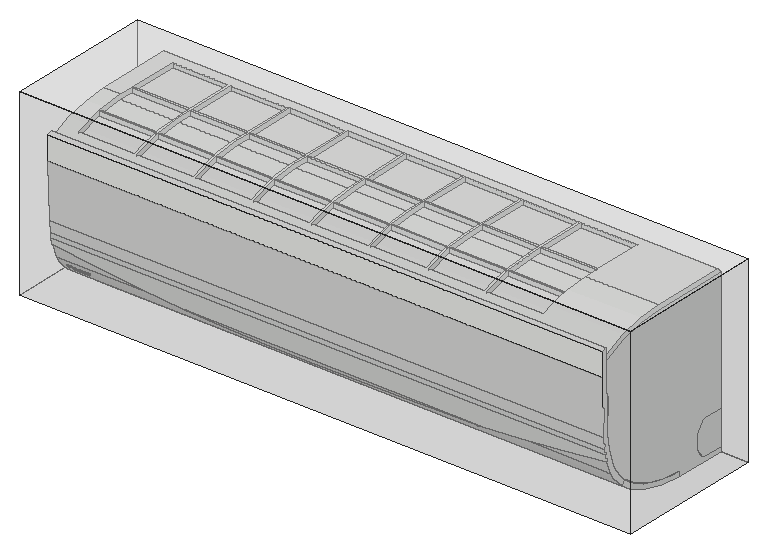
Revit family "outputfile", category 機械設備, Revit 2024
Family settings
  丸型コネクタ寸法 = 半径を使用
  パーツ タイプ = 標準
  OmniClass 番号 = 23.75.10.24.21.27.27
  OmniClass タイトル = Split System Air Conditioning Units
  作業面ベース = いいえ
  常に垂直 = はい
  ロード時にボイドで切り取り = いいえ
  注釈の向きを維持 = いいえ
  共有 = いいえ
  部屋計算ポイント = いいえ
Parameters (values of type "CTKM60RVMA")
  Description = ""
  書き出し IFC クラス(タイプ) = "IfcUnitaryEquipmentType"
  定義済み IFC タイプ(タイプ) = "AIRCONDITIONINGUNIT"
  Cost = 0
  Type Comments = ""
  Keynote = ""
  Type Image = (empty or 0)
  Assembly Code = ""
  w_wall hole = if(Width = 770.0 mm, 48.0 mm, 60.0 mm)  # 60.0 mm
  製造元 = "Daikin"
  モデル = "CTKM60RVMA"
  switch_frequency = yes
  r_Liquid Pipe Size = Liquid Pipe Size / 2  # 3.2 mm
  r_Gas Pipe Size = Gas Pipe Size / 2  # 6.35 mm
  r_Drain Pipe Size = Drain Pipe Size / 2  # 8.0 mm
  lw_powersupply [instance] = if(Width = 770.0 mm, if(or(Rear Right Connection_refrigerant, Bottom Right Connection_refrigerant), 25.0 mm, if(or(Rear Left Connection_refrigerant, Bottom Left Connection_refrigerant), 745.0 mm, 400.0 mm)), if(Width = 990.0 mm, if(or(Rear Right Connection_refrigerant, Bottom Right Connection_refrigerant), 40.0 mm, if(or(Rear Left Connection_refrigerant, Bottom Left Connection_refrigerant), 920.0 mm, 400.0 mm)), if(or(Rear Right Connection_refrigerant, Bottom Right Connection_refrigerant), 40.0 mm, if(or(Rear Left Connection_refrigerant, Bottom Left Connection_refrigerant), 920.0 mm, 400.0 mm))))  # 400.0 mm
  lw_liquidpipe [instance] = if(Width = 770.0 mm, if(or(Rear Right Connection_refrigerant, Bottom Right Connection_refrigerant), 0.0 mm, if(or(Rear Left Connection_refrigerant, Bottom Left Connection_refrigerant), 664.0 mm, 385.0 mm)), if(Width = 990.0 mm, if(or(Rear Right Connection_refrigerant, Bottom Right Connection_refrigerant), 0.0 mm, if(or(Rear Left Connection_refrigerant, Bottom Left Connection_refrigerant), 664.0 mm + (990.0 mm - 770.0 mm), 475.0 mm)), if(or(Rear Right Connection_refrigerant, Bottom Right Connection_refrigerant), 0.0 mm, if(or(Rear Left Connection_refrigerant, Bottom Left Connection_refrigerant), 664.0 mm + (990.0 mm - 770.0 mm), 475.0 mm))))  # 475.0 mm
  lw_gaspipe [instance] = if(Width = 770.0 mm, if(or(Rear Right Connection_refrigerant, Bottom Right Connection_refrigerant), 0.0 mm, if(or(Rear Left Connection_refrigerant, Bottom Left Connection_refrigerant), 675.0 mm, if(Gas Pipe Size = 12.7 mm, 345.0 mm, 335.0 mm))), if(Width = 990.0 mm, if(or(Rear Right Connection_refrigerant, Bottom Right Connection_refrigerant), 10.0 mm, if(or(Rear Left Connection_refrigerant, Bottom Left Connection_refrigerant), 890.0 mm, if(Gas Pipe Size = 15.9 mm, 410.0 mm, 400.0 mm))), if(or(Rear Right Connection_refrigerant, Bottom Right Connection_refrigerant), 10.0 mm, if(or(Rear Left Connection_refrigerant, Bottom Left Connection_refrigerant), 890.0 mm, if(Gas Pipe Size = 15.9 mm, 410.0 mm, 400.0 mm)))))  # 400.0 mm
  lw_drainpipe [instance] = if(Width = 770.0 mm, if(or(Rear Right Connection_refrigerant, Bottom Right Connection_refrigerant), 0.0 mm, if(or(Rear Left Connection_refrigerant, Bottom Left Connection_refrigerant), 770.0 mm - 48.0 mm - 48.0 mm, 440.0 mm)), if(Width = 990.0 mm, if(or(Rear Right Connection_refrigerant, Bottom Right Connection_refrigerant), 0.0 mm, if(or(Rear Left Connection_refrigerant, Bottom Left Connection_refrigerant), 675.0 mm + (990.0 mm - 770.0 mm), 435.0 mm)), if(or(Rear Right Connection_refrigerant, Bottom Right Connection_refrigerant), 0.0 mm, if(or(Rear Left Connection_refrigerant, Bottom Left Connection_refrigerant), 675.0 mm + (990.0 mm - 770.0 mm), 435.0 mm))))  # 435.0 mm
  l_powersupply_length [instance] = if(Width = 770.0 mm, if(Right Connection_refrigerant, 400.0 mm, if(Left Connection_refrigerant, 770.0 mm - 400.0 mm, if(or(Rear Left Connection_refrigerant, Rear Right Connection_refrigerant), 15.0 mm, 50.0 mm))), if(Width = 990.0 mm, if(Right Connection_refrigerant, 400.0 mm, if(Left Connection_refrigerant, 990.0 mm - 400.0 mm, if(or(Rear Left Connection_refrigerant, Rear Right Connection_refrigerant), 15.0 mm, 50.0 mm))), if(Right Connection_refrigerant, 400.0 mm, if(Left Connection_refrigerant, 990.0 mm - 400.0 mm, if(or(Rear Left Connection_refrigerant, Rear Right Connection_refrigerant), 15.0 mm, 50.0 mm)))))  # 400.0 mm
  l_liquidpipe_length [instance] = if(Width = 770.0 mm, if(Right Connection_refrigerant, 433.0 mm, if(Left Connection_refrigerant, 337.0 mm, if(or(Rear Left Connection_refrigerant, Rear Right Connection_refrigerant), 30.0 mm, 40.0 mm))), if(Width = 990.0 mm, if(Right Connection_refrigerant, 535.0 mm, if(Left Connection_refrigerant, 455.0 mm, if(or(Rear Left Connection_refrigerant, Rear Right Connection_refrigerant), 30.0 mm, 40.0 mm))), if(Right Connection_refrigerant, 535.0 mm, if(Left Connection_refrigerant, 455.0 mm, if(or(Rear Left Connection_refrigerant, Rear Right Connection_refrigerant), 30.0 mm, 40.0 mm)))))  # 535.0 mm
  l_gaspipe_length [instance] = if(Width = 770.0 mm, if(Right Connection_refrigerant, if(Gas Pipe Size = 12.7 mm, 393.0 mm, 383.0 mm), if(Left Connection_refrigerant, if(Gas Pipe Size = 12.7 mm, 770.0 mm - 393.0 mm, 770.0 mm - 383.0 mm), if(or(Rear Left Connection_refrigerant, Rear Right Connection_refrigerant), 40.0 mm, 50.0 mm))), if(Width = 990.0 mm, if(Right Connection_refrigerant, if(Gas Pipe Size = 15.9 mm, 470.0 mm, 460.0 mm), if(Left Connection_refrigerant, if(Gas Pipe Size = 15.9 mm, 990.0 mm - 470.0 mm, 990.0 mm - 460.0 mm), if(or(Rear Left Connection_refrigerant, Rear Right Connection_refrigerant), 40.0 mm, 50.0 mm))), if(Right Connection_refrigerant, if(Gas Pipe Size = 15.9 mm, 470.0 mm, 460.0 mm), if(Left Connection_refrigerant, if(Gas Pipe Size = 15.9 mm, 990.0 mm - 470.0 mm, 990.0 mm - 460.0 mm), if(or(Rear Left Connection_refrigerant, Rear Right Connection_refrigerant), 40.0 mm, 50.0 mm)))))  # 460.0 mm
  l_drainpipe_length [instance] = if(Width = 770.0 mm, if(Right Connection_refrigerant, 488.0 mm, if(Left Connection_refrigerant, 282.0 mm, if(or(Rear Left Connection_refrigerant, Rear Right Connection_refrigerant), 15.0 mm, 20.0 mm))), if(Width = 990.0 mm, if(Right Connection_refrigerant, 495.0 mm, if(Left Connection_refrigerant, 495.0 mm, if(or(Rear Left Connection_refrigerant, Rear Right Connection_refrigerant), 15.0 mm, 20.0 mm))), if(Right Connection_refrigerant, 495.0 mm, if(Left Connection_refrigerant, 495.0 mm, if(or(Rear Left Connection_refrigerant, Rear Right Connection_refrigerant), 15.0 mm, 20.0 mm)))))  # 495.0 mm
  h*** = 0.0 mm  # constant formula
  connector_voltage = Voltage_50Hz  # 230 V
  connector_powerinput = [Power Input (Cooling)]  # 0.000 kW
  connector_phase = Phase_50Hz  # 1
  angle_vertical [instance] = if(or(Bottom Left Connection_refrigerant, Bottom Right Connection_refrigerant), 0.00°, 90.00°)  # 90.00°
  angle_horizontal [instance] = if(Right Connection_refrigerant, 90.00°, if(Left Connection_refrigerant, -90.00°, if(or(Rear Left Connection_refrigerant, Rear Right Connection_refrigerant), 180.00°, 0.00°)))  # 90.00°
  Width = 990.0 mm
  Voltage_comment_50Hz = "220 - 240"
  Voltage_50Hz = 230 V
  Version = "ver.1.0"
  Unit Type = "Wall Mounted"
  Unit Mass Weight = 13.00 kg
  Unit Designation [instance] = ""
  Uniclass2015Version = "Products v1.30"
  Uniclass2015Title = "Split coil room air conditioning units"
  Uniclass2015Code = "Pr_70_65_03_86"
  URL = ""
  Total Cooling Capacity [instance] = 0.000 kW
  Sound Pressure Level_M speed (dBA) = 42
  Sound Pressure Level_L speed (dBA) = 36
  Sound Pressure Level_H speed (dBA) = 48
  Sound Power Level_H speed (dB) = 0
  Series = "Multi Split_Fan Coil Unit"
  Sensible Cooling Capacity [instance] = 0.000 kW
  Refrigerant Type = "R32"
  Power Input (Cooling) = 0.000 kW
  Phase_50Hz = 1
  Option Accessory 3 [instance] = ""
  Option Accessory 2 [instance] = ""
  Option Accessory 1 [instance] = ""
  Nominal Cooling Capacity = 6.000 kW
  Minimum Circuit Amps_50Hz = 0.0 A
  Minimum Airflow = 762.00 m³/h
  Median Airflow = 948.00 m³/h
  Maximum Fuse Amps_50Hz = 0.0 A
  Maximum Airflow = 1170.00 m³/h
  Material_Casing = DAIKIN_White_Casing_indoorunit
  Load Classification = HVAC
  Liquid Pipe Size = 6.4 mm
  Link_Nested Family [instance] = ""
  IfcVersion = ""
  IfcExportType = "AIRCONDITIONINGUNIT"
  IfcExportAs = "IfcUnitaryEquipmentType"
  Height = 295.0 mm
  Heat Exchanger Type = "Cross Fin Coil"
  Gas Pipe Size = 12.7 mm
  Frequency_50Hz = 50 Hz
  Fan Type = "Cross Flow Fan"
  Fan Drive = "Direct Drive"
  FCU Tag No. [instance] = ""
  Drain Pipe Size = 16.0 mm
  Design Supply Airflow [instance] = 0.00 m³/h
  Depth = 263.0 mm
  既定の高さ = 0.0 mm
  Cooling Entering Wet Bulb Temperature [instance] = 0.00 °C
  Cooling Entering Dry Bulb Temperature [instance] = 0.00 °C
  Cooling Ambient Wet Bulb Temperature [instance] = 0.00 °C
  Cooling Ambient Dry Bulb Temperature [instance] = 0.00 °C
  Clearance visibility [instance] = yes
  Clearance Top = 30.0 mm
  Clearance Right = 50.0 mm
  Clearance Rear = 0.0 mm
  Clearance Left = 50.0 mm
  Clearance Front = 0.0 mm
  Clearance Bottom = 0.0 mm
  Bottom Right Connection_refrigerant [instance] = no
  Bottom Left Connection_refrigerant [instance] = no
  Rear Right Connection_refrigerant [instance] = no
  Rear Left Connection_refrigerant [instance] = no
  Right Connection_refrigerant [instance] = yes
  Left Connection_refrigerant [instance] = no
Reference planes
  plane 1 "Back": y = 0
  plane 2: z = 0
  plane 3 "Center (Left/Right)": x = 0
  plane 4 "Center (Front/Back)": y = -131.5
  plane 5 "Front": y = -263
  plane 6 "Left": x = -495
  plane 7 "Right": x = 495
  plane 8 "Top": z = 0
  plane 9 "Bottom": z = -295
  plane 10: x = -545
  plane 11: x = 545
  plane 12: y = 0
  plane 13: y = -263
  plane 14: z = 30
  plane 15: z = -295
  plane 16 "lw_Piping and Wiring intake": x = 435
  plane 17 "lw_gaspipe": x = 35
  plane 18 "lw_liquidpipe": x = -40
  plane 19 "lw_drainpipe": x = 0
  plane 20 "lh_drainpipe": z = -275
  plane 21 "lh_liquidpipe": z = -255
  plane 22 "lh_gaspipe": z = -245
  plane 23 "ld_drainpipe": y = -15
  plane 24 "ld_liquidpipe": y = -30
  plane 25 "ld_gaspipe": y = -40
  plane 26 "lw_powersupply": x = 95
Dimensions and locks
  equal spacing: plane 6 "Left", plane 3 "Center (Left/Right)", plane 7 "Right"
  "Width": plane 6 "Left" to plane 7 "Right"
  equal spacing: plane 5 "Front", plane 4 "Center (Front/Back)", plane 1 "Back"
  "Depth": plane 5 "Front" to plane 1 "Back"
  "Height": plane 8 "Top" to plane 9 "Bottom"
  "Clearance Rear": plane 12 to plane 1 "Back"
  "Clearance Front": plane 13 to plane 5 "Front"
  "Clearance Top": plane 14 to plane 8 "Top"
  "Clearance Bottom": plane 9 "Bottom" to plane 15
  "w_wall hole": plane 16 "lw_Piping and Wiring intake" to plane 7 "Right"
  "lw_gaspipe": plane 17 "lw_gaspipe" to plane 16 "lw_Piping and Wiring intake"
  "lw_liquidpipe": plane 18 "lw_liquidpipe" to plane 16 "lw_Piping and Wiring intake"
  "lw_drainpipe": plane 19 "lw_drainpipe" to plane 16 "lw_Piping and Wiring intake"
  locked: plane 20 "lh_drainpipe" to plane 9 "Bottom" at 20
  locked: plane 21 "lh_liquidpipe" to plane 9 "Bottom" at 40
  locked: plane 22 "lh_gaspipe" to plane 9 "Bottom" at 50
  locked: plane 23 "ld_drainpipe" to plane 1 "Back" at 15
  locked: plane 1 "Back" to plane 24 "ld_liquidpipe" at 30
  locked: plane 1 "Back" to plane 25 "ld_gaspipe" at 40
  "lw_powersupply": plane 26 "lw_powersupply" to plane 7 "Right"
  "Clearance Right": plane 7 "Right" to plane 11
  "Clearance Left": plane 10 to plane 6 "Left"
  aligned and locked: level to plane 2
  aligned and locked: plane 12 to nested 1
  aligned and locked: nested 1 to plane 13
  aligned and locked: plane 10 to nested 1
  aligned and locked: plane 11 to nested 1
  aligned and locked: plane 15 to nested 1
  aligned and locked: plane 14 to nested 1
  aligned and locked: plane 17 "lw_gaspipe" to nested 2
  aligned and locked: nested 2 to plane 25 "ld_gaspipe"
  aligned and locked: plane 18 "lw_liquidpipe" to nested 3
  aligned and locked: nested 3 to plane 24 "ld_liquidpipe"
  aligned and locked: plane 19 "lw_drainpipe" to nested 4
  aligned and locked: nested 4 to plane 23 "ld_drainpipe"
  aligned and locked: nested 5 to plane 23 "ld_drainpipe"
  aligned and locked: plane 26 "lw_powersupply" to nested 5
  aligned and locked: level to plane 8 "Top"
  aligned and locked: plane 3 "Center (Left/Right)" to nested 6
  aligned and locked: plane 1 "Back" to nested 6
  aligned and locked: plane 8 "Top" to nested 6
Nested families
  nested 1: "daikin_clearancespace" at (0, -131.5, -132.381), show <- "Clearance visibility", visible <- "Clearance visibility", Link_Nested Family <- "Link_Nested Family", type "daikin_clearancespace"
    with width 1090.0 mm, show yes, height 325.0 mm, depth 263.0 mm, Link_Nested Family ""
  nested 2: "daikin_connector_rotate3" at (35, -40, -245), angle_vertical <- "angle_vertical", angle_horizontal <- "angle_horizontal", length <- "l_gaspipe_length", radius <- "r_Gas Pipe Size", type "daikin_connector_rotate3"
    with show no, radius 6.35 mm, length 460.0 mm, angle_vertical 90.00°, angle_horizontal 90.00°
  nested 3: "daikin_connector_rotate3" at (-40, -30, -255), angle_vertical <- "angle_vertical", angle_horizontal <- "angle_horizontal", radius <- "r_Liquid Pipe Size", length <- "l_liquidpipe_length", type "daikin_connector_rotate3"
    with show no, radius 3.2 mm, length 535.0 mm, angle_vertical 90.00°, angle_horizontal 90.00°
  nested 4: "daikin_connector_rotate3" at (0, -15, -275), angle_vertical <- "angle_vertical", angle_horizontal <- "angle_horizontal", length <- "l_drainpipe_length", radius <- "r_Drain Pipe Size", type "daikin_connector_rotate3"
    with show no, radius 8.0 mm, length 495.0 mm, angle_vertical 90.00°, angle_horizontal 90.00°
  nested 5: "daikin_connector_rotate3" at (95, -15, -245), angle_vertical <- "angle_vertical", angle_horizontal <- "angle_horizontal", length <- "l_powersupply_length", type "daikin_connector_rotate3"
    with show no, radius 10.0 mm, length 400.0 mm, angle_vertical 90.00°, angle_horizontal 90.00°
  nested 6: "DAIKIN_indoorunit_CTKM-RVMA" at (-31, 0, 0), type "CTKM-RVMA"
    with switch_unit1_50-71 yes, switch_unit1_20-46 no, Width 990.0 mm, WALL HOLE-R 60.0 mm, WALL HOLE Size 80.0 mm, Height 295.0 mm
Connectors
  piping at (495, -40, -245), diameter 12.7, driven by "r_Gas Pipe Size"
    settings: on nested 2, index 1, connector inside diameter 609.6 mm, connector length 0.0 mm, flow factor 0, pipe flow 0.00 m³/h, pressure drop 0.0 Pa, fitting loss kfactor 0, connector angle 0.00°, fixture units 0, engagement length 0.0 mm, angle of deflection 0.00°, flow configuration 1, flow direction 2, fitting loss method 0, system type 29, joint type 0, gender type 0, connector reference index -1, connector utility 0, adjustable connector no, is connector primary yes, connector description "Refrigerant Gas Piping"
  piping at (495, -30, -255), diameter 6.4, driven by "r_Liquid Pipe Size"
    settings: on nested 3, index 2, connector inside diameter 609.6 mm, connector length 0.0 mm, flow factor 0, pipe flow 0.00 m³/h, pressure drop 0.0 Pa, fitting loss kfactor 0, connector angle 0.00°, fixture units 0, engagement length 0.0 mm, angle of deflection 0.00°, flow configuration 1, flow direction 1, fitting loss method 0, system type 29, joint type 0, gender type 0, connector reference index -1, connector utility 0, adjustable connector no, is connector primary no, connector description "Refrigerant Liquid Piping"
  piping at (495, -15, -275), diameter 16, driven by "r_Drain Pipe Size"
    settings: on nested 4, index 3, connector inside diameter 609.6 mm, connector length 0.0 mm, flow factor 0, pipe flow 0.00 m³/h, pressure drop 0.0 Pa, fitting loss kfactor 0, connector angle 0.00°, fixture units 0, engagement length 0.0 mm, angle of deflection 0.00°, flow configuration 1, flow direction 2, fitting loss method 4, system type 16, joint type 0, gender type 0, connector reference index -1, connector utility 0, adjustable connector no, is connector primary no, connector description "Condensate Drain Piping"
  electrical at (495, -15, -245), driven by "Load Classification", driven by "connector_phase", driven by "connector_powerinput", driven by "connector_voltage"
    settings: on nested 5, index 4, voltage 230 V, apparent load 0 VA, apparent load phase1 0 VA, apparent load phase2 0 VA, apparent load phase3 0 VA, power factor 1, load classification "HVAC", number of poles 1, system type 30, power factor state 1, is connector primary yes, connector utility no, sub classification motor no, connector description "Power Supply"
Definition of nested family "daikin_clearancespace"
  Parameters (values of type "daikin_clearancespace")
    Description = "daikin_clearancespace"
    width [instance] = 1823.963 mm
    show [instance] = yes
    material = none
    height [instance] = 1359.762 mm
    depth [instance] = 880.0 mm
    Default Elevation = 0.0 mm
    Link_Nested Family [instance] = ""
  Reference planes
    plane 1 "Center (Front/Back)": y = 0
    plane 2 "Center (Elevation)": z = -0.119
    plane 3 "Center (Left/Right)": x = 0
    plane 4: y = 440
    plane 5: y = -440
    plane 6 "Right": x = 911.982
    plane 7 "Left": x = -911.982
    plane 8 "Top": z = 679.762
    plane 9 "Bottom": z = -680
  Forms (mm)
    Extrusion 1, solid, material <- "material", visible <- "show"
      sketch origin (0, 0, 0) x (1, 0, 0) y (0, 1, 0)
        loop
          line (-911.982, 440) -> (-911.982, -440) -> (911.982, -440) -> (911.982, 440) -> (-911.982, 440)
      from -680 to 679.762
  Lines and regions (mm)
    symbolic lines, visible <- "show"
      curve 1: line (911.982, 440, 0) -> (-911.982, 440, 0)
      curve 2: line (-911.982, 440, 0) -> (-911.982, -440, 0)
      curve 3: line (-911.982, -440, 0) -> (911.982, -440, 0)
      curve 4: line (911.982, -440, 0) -> (911.982, 440, 0)
      curve 5: line (911.982, 0, 679.762) -> (-911.982, 0, 679.762)
      curve 6: line (911.982, 0, -680) -> (911.982, 0, 679.762)
      curve 7: line (-911.982, 0, -680) -> (911.982, 0, -680)
      curve 8: line (-911.982, 0, 679.762) -> (-911.982, 0, -680)
      curve 9: line (0, 440, 679.762) -> (0, -440, 679.762)
      curve 10: line (0, -440, 679.762) -> (0, -440, -680)
      curve 11: line (0, 440, -680) -> (0, 440, 679.762)
      curve 12: line (0, -440, -680) -> (0, 440, -680)
  Dimensions and locks
    "width": plane 7 "Left" to plane 6 "Right"
    "depth": plane 4 to plane 5
    "height": plane 8 "Top" to plane 9 "Bottom"
    equal spacing: plane 7 "Left", plane 3 "Center (Left/Right)", plane 6 "Right"
    equal spacing: plane 4, plane 1 "Center (Front/Back)", plane 5
    equal spacing: plane 8 "Top", plane 2 "Center (Elevation)", plane 9 "Bottom"
    aligned and locked: level to plane 2 "Center (Elevation)"
    aligned and locked: Extrusion 1 sketch curve to plane 4
    aligned and locked: plane 7 "Left" to Extrusion 1 sketch curve
    aligned and locked: Extrusion 1 sketch curve to plane 5
    aligned and locked: Extrusion 1 sketch curve to plane 6 "Right"
    aligned and locked: plane 8 "Top" to Extrusion 1
    aligned and locked: curve 1 to Extrusion 1
    aligned and locked: curve 2 to Extrusion 1
    aligned and locked: curve 3 to Extrusion 1
    aligned and locked: curve 4 to Extrusion 1
    aligned and locked: curve 5 to Extrusion 1
    aligned and locked: curve 6 to Extrusion 1
    aligned and locked: curve 7 to Extrusion 1
    aligned and locked: curve 8 to Extrusion 1
    aligned and locked: curve 9 to Extrusion 1
    aligned and locked: curve 10 to Extrusion 1
    aligned and locked: curve 11 to Extrusion 1
    aligned and locked: curve 12 to Extrusion 1
    aligned and locked: Extrusion 1 to plane 9 "Bottom"
Definition of nested family "DAIKIN_indoorunit_CTKM-RVMA"
  Parameters (values of type "FTKM-QVMA")
    switch_unit1_50-71 = Width = 990.0 mm  # no
    switch_unit1_20-46 = Width = 770.0 mm  # yes
    Width = 770.0 mm
    WALL HOLE-R = if(Width = 770.0 mm, 48.0 mm, 60.0 mm)  # 48.0 mm
    WALL HOLE Size = if(Width = 770.0 mm, 65.0 mm, 80.0 mm)  # 65.0 mm
    Material_Casing = none
    Height = if(Width = 770.0 mm, 285.0 mm, 295.0 mm)  # 285.0 mm
    Default Elevation = 0.0 mm
  Reference planes
    plane 1 "Center (Front/Back)": y = 0
    plane 2 "reference_level": z = 0
    plane 3 "Center (Left/Right)": x = 31
    plane 4: x = -354
    plane 5: x = 416
    plane 6: z = -285
  Forms (mm)
    Extrusion 1, solid, material <- "Material_Casing", visible <- "switch_unit1_20-46"
      sketch origin (29, 0, 0) x (0, 1, 0) y (0, 0, 1)
        loop
          line (-5, 0) -> (-98, 0)
          arc (-98, 0) -> (-157.611, -7.211) -> (-213.783, -28.427) r 250
          arc (-213.783, -28.427) -> (-213.842, -32.972) -> (-213.892, -37.516) r 2191
          arc (-213.892, -37.516) -> (-157.832, -15.495) -> (-98.07, -8) r 242
          line (-98.07, -8) -> (0, -8) -> (-5, 0)
      from -383 to 387
    Extrusion 2, solid, material <- "Material_Casing", visible <- "switch_unit1_20-46"
      sketch origin (416, 1296.25, 1200) x (0, 1, 0) y (0, 0, 1)
        loop
          line (-1472.998, -1446.91) -> (-1476.998, -1453.839)
          arc (-1476.998, -1453.839) -> (-1437.481, -1472.422) -> (-1395.25, -1483.538) r 240
          line (-1395.25, -1483.538) -> (-1395.25, -1475.422)
          arc (-1395.25, -1475.422) -> (-1435.407, -1464.663) -> (-1472.998, -1446.91) r 232
      from 0 to -47.5
    Extrusion 3, solid, material <- "Material_Casing", visible <- "switch_unit1_20-46"
      sketch origin (29, 0, 0) x (0, 1, 0) y (0, 0, 1)
        loop
          arc (-223, -60.455) -> (-222.414, -110.646) -> (-220.656, -160.81) r 2149.92
          arc (-220.656, -160.81) -> (-219.65, -174.299) -> (-217.853, -187.706) r 229.911
          arc (-217.853, -187.706) -> (-205.371, -223.594) -> (-181.517, -253.17) r 111
          line (-181.517, -253.17) -> (-177.429, -246.093)
          arc (-177.429, -246.093) -> (-198.77, -218.989) -> (-209.965, -186.36) r 103
          arc (-209.965, -186.36) -> (-211.681, -173.586) -> (-212.651, -160.735) r 221.844
          arc (-212.651, -160.735) -> (-214.739, -93.233) -> (-214.74, -25.699) r 2186.828
          arc (-214.74, -25.699) -> (-214.671, -21.467) -> (-214.594, -17.235) r 2192
          line (-214.594, -17.235) -> (-223, -19.961) -> (-223, -60.455)
      from -383 to 387
    Extrusion 4, solid, material <- "Material_Casing", visible <- "switch_unit1_20-46"
      sketch origin (29, 0, 0) x (0, 1, 0) y (0, 0, 1)
        loop
          line (-181.517, -253.17) -> (-179.597, -249.846)
          arc (-179.597, -249.846) -> (-202.009, -221.399) -> (-213.189, -186.952) r 103
          line (-213.189, -186.952) -> (-217.853, -187.706)
          arc (-217.853, -187.706) -> (-217.533, -189.556) -> (-217.182, -191.4) r 111
          arc (-217.182, -191.4) -> (-213.806, -208.181) -> (-210.362, -224.948) r 4257.809
          arc (-210.362, -224.948) -> (-198.886, -237.857) -> (-186.225, -249.607) r 180
          line (-186.225, -249.607) -> (-181.517, -253.17)
      from -383 to 387
    Extrusion 5, solid, material <- "Material_Casing", visible <- "switch_unit1_20-46"
      sketch origin (29, 0, -20) x (0, 1, 0) y (0, 0, 1)
        loop
          line (0, -265) -> (0, 12) -> (-98.07, 12)
          arc (-98.07, 12) -> (-157.832, 4.505) -> (-213.892, -17.516) r 242
          arc (-213.892, -17.516) -> (-213.638, -79.114) -> (-211.653, -140.681) r 2191
          arc (-211.653, -140.681) -> (-210.685, -153.501) -> (-208.973, -166.243) r 221
          arc (-208.973, -166.243) -> (-197.471, -199.282) -> (-175.482, -226.491) r 102
          arc (-175.482, -226.491) -> (-138.004, -244.019) -> (-98, -254.579) r 231
          line (-98, -254.579) -> (-98, -265) -> (0, -265)
      from -383 to 387
    Extrusion 6, solid, material <- "Material_Casing", visible <- "switch_unit1_20-46"
      sketch origin (-354, 1296.25, 1200) x (0, 1, 0) y (0, 0, 1)
        loop
          line (-1472.998, -1446.91) -> (-1476.998, -1453.839)
          arc (-1476.998, -1453.839) -> (-1437.481, -1472.422) -> (-1395.25, -1483.538) r 240
          line (-1395.25, -1483.538) -> (-1395.25, -1475.422)
          arc (-1395.25, -1475.422) -> (-1435.407, -1464.663) -> (-1472.998, -1446.91) r 232
      from 47 to 0
    Extrusion 7, solid, material <- "Material_Casing", visible <- "switch_unit1_20-46"
      sketch origin (416, 1296.25, 1200) x (0, 1, 0) y (0, 0, 1)
        loop
          line (-1472.998, -1446.91) -> (-1476.998, -1453.839)
          arc (-1476.998, -1453.839) -> (-1443.437, -1470.168) -> (-1407.75, -1481.097) r 240
          line (-1407.75, -1481.097) -> (-1407.75, -1472.894)
          arc (-1407.75, -1472.894) -> (-1441.363, -1462.385) -> (-1472.998, -1446.91) r 232
      from -116.993 to -48.493
    Extrusion 8, solid, material <- "Material_Casing", visible <- "switch_unit1_20-46"
      sketch origin (416, 1296.25, 1200) x (0, 1, 0) y (0, 0, 1)
        loop
          line (-1472.998, -1446.91) -> (-1476.998, -1453.839)
          arc (-1476.998, -1453.839) -> (-1443.437, -1470.168) -> (-1407.75, -1481.097) r 240
          line (-1407.75, -1481.097) -> (-1407.75, -1472.894)
          arc (-1407.75, -1472.894) -> (-1441.363, -1462.385) -> (-1472.998, -1446.91) r 232
      from -717 to -121.993
    Extrusion 9, void
      sketch origin (31, 0, -235) x (1, 0, 0) y (0, 1, 0)
        loop
          line (-252.674, -22.316) -> (-354.941, -22.316) -> (-354.941, -91.341) -> (-252.674, -91.341) -> (-252.674, -22.316)
        loop
          line (-249.341, -91.341) -> (-151.574, -91.341) -> (-151.574, -22.316) -> (-249.341, -22.316) -> (-249.341, -91.341)
        loop
          line (58.309, -22.316) -> (-148.309, -22.316) -> (-148.309, -91.341) -> (58.309, -91.341) -> (58.309, -22.316)
        loop
          line (61.689, -22.316) -> (61.689, -91.341) -> (159.457, -91.341) -> (159.457, -22.316) -> (61.689, -22.316)
        loop
          line (162.789, -22.316) -> (162.789, -91.341) -> (265.057, -91.341) -> (265.057, -22.316) -> (162.789, -22.316)
        loop
          line (-354.941, -94.659) -> (-354.941, -165.259) -> (-252.674, -165.259) -> (-252.674, -94.659) -> (-354.941, -94.659)
        loop
          line (-249.341, -94.659) -> (-249.341, -165.259) -> (-151.574, -165.259) -> (-151.574, -94.659) -> (-249.341, -94.659)
        loop
          line (-148.309, -94.659) -> (-148.309, -165.259) -> (58.309, -165.259) -> (58.309, -94.659) -> (-148.309, -94.659)
        loop
          line (61.689, -94.659) -> (61.689, -165.259) -> (159.457, -165.259) -> (159.457, -94.659) -> (61.689, -94.659)
        loop
          line (162.789, -94.659) -> (162.789, -165.259) -> (265.057, -165.259) -> (265.057, -94.659) -> (162.789, -94.659)
        loop
          line (-354.941, -167.382) -> (-354.941, -192.681) -> (-252.674, -192.681) -> (-252.674, -167.382) -> (-354.941, -167.382)
        loop
          line (-249.341, -167.382) -> (-249.341, -192.681) -> (-151.574, -192.681) -> (-151.574, -167.382) -> (-249.341, -167.382)
        loop
          line (-148.309, -167.382) -> (-148.309, -192.681) -> (58.309, -192.681) -> (58.309, -167.382) -> (-148.309, -167.382)
        loop
          line (159.457, -167.382) -> (61.689, -167.382) -> (61.689, -192.681) -> (159.457, -192.681) -> (159.457, -167.382)
        loop
          line (265.057, -167.382) -> (162.789, -167.382) -> (162.789, -192.681) -> (265.057, -192.681) -> (265.057, -167.382)
      from 201.638 to 250
    Extrusion 10, void
      sketch origin (31, 0, 0) x (1, 0, 0) y (0, 0, 1)
        loop
          arc (597, -174.907) -> (0.056, -245.263) -> (-597, -175.856) r 2585.042
          line (-597, -175.856) -> (-597, -352.872) -> (597, -352.872) -> (597, -174.907)
      from 173 to 315.3
    Extrusion 11, solid, material <- "Material_Casing"
      sketch origin (31, 0, 0) x (1, 0, 0) y (0, 0, 1)
        loop
          circle (337, -240.5) r 32.5
        loop
          circle (-337, -240.5) r 32.5
      from 0 to 5
    Extrusion 12, solid, material <- "Material_Casing", visible <- "switch_unit1_20-46"
      sketch origin (416, 1296.25, 1200) x (0, -1, 0) y (0, 0, 1)
        loop
          line (1326.25, -1417) -> (1296.25, -1417) -> (1296.25, -1477) -> (1326.25, -1477)
          arc (1326.25, -1477) -> (1340.393, -1471.142) -> (1346.25, -1457) r 20
          line (1346.25, -1457) -> (1346.25, -1437)
          arc (1346.25, -1437) -> (1340.393, -1422.858) -> (1326.25, -1417) r 20
      from 0 to 5
    Extrusion 13, solid, material <- "Material_Casing", visible <- "switch_unit1_20-46"
      sketch origin (-354, 1296.25, 1200) x (0, 1, 0) y (0, 0, 1)
        loop
          line (-1296.25, -1417) -> (-1326.25, -1417)
          arc (-1326.25, -1417) -> (-1340.393, -1422.858) -> (-1346.25, -1437) r 20
          line (-1346.25, -1437) -> (-1346.25, -1457)
          arc (-1346.25, -1457) -> (-1340.393, -1471.142) -> (-1326.25, -1477) r 20
          line (-1326.25, -1477) -> (-1296.25, -1477) -> (-1296.25, -1417)
      from 0 to 5
    Extrusion 14, solid, material <- "Material_Casing", visible <- "switch_unit1_20-46"
      sketch origin (31, 0, -285) x (-1, 0, 0) y (0, -1, 0)
        loop
          line (-314, 0) -> (-314, 30)
          arc (-314, 30) -> (-319.858, 44.142) -> (-334, 50) r 20
          line (-334, 50) -> (-354, 50)
          arc (-354, 50) -> (-368.142, 44.142) -> (-374, 30) r 20
          line (-374, 30) -> (-374, 0) -> (-314, 0)
        loop
          line (374, 0) -> (374, 30)
          arc (374, 30) -> (368.142, 44.142) -> (354, 50) r 20
          line (354, 50) -> (334, 50)
          arc (334, 50) -> (319.858, 44.142) -> (314, 30) r 20
          line (314, 30) -> (314, 0) -> (374, 0)
      from 0 to 5
    Extrusion 15, solid, material <- "Material_Casing", visible <- "switch_unit1_50-71"
      sketch origin (31, 0, 0) x (0, 1, 0) y (0, 0, 1)
        loop
          line (-5, 0) -> (-138, 0)
          arc (-138, 0) -> (-197.611, -7.211) -> (-253.783, -28.427) r 250
          arc (-253.783, -28.427) -> (-253.838, -32.687) -> (-253.886, -36.946) r 2191
          arc (-253.886, -36.946) -> (-197.73, -15.346) -> (-138.014, -8) r 246.393
          line (-138.014, -8) -> (0, -8) -> (-5, 0)
      from -495 to 495
    Extrusion 16, solid, material <- "Material_Casing", visible <- "switch_unit1_50-71"
      sketch origin (418, 1296.25, 1200) x (0, 1, 0) y (0, 0, 1)
        loop
          arc (-1515.208, -1454.149) -> (-1506.856, -1460.599) -> (-1497.925, -1466.219) r 110
          arc (-1497.925, -1466.219) -> (-1445.718, -1487.493) -> (-1389.844, -1494.995) r 223
          line (-1389.844, -1494.995) -> (-1389.844, -1486.086) -> (-1404.386, -1486.086)
          arc (-1404.386, -1486.086) -> (-1449.542, -1477.46) -> (-1491.818, -1459.402) r 214.289
          arc (-1491.818, -1459.402) -> (-1501.056, -1453.541) -> (-1509.606, -1446.715) r 101
          line (-1509.606, -1446.715) -> (-1515.208, -1454.149)
      from 108 to 57.5
    Extrusion 17, solid, material <- "Material_Casing", visible <- "switch_unit1_50-71"
      sketch origin (31, 0, 0) x (0, 1, 0) y (0, 0, 1)
        loop
          line (-263, -19.962) -> (-263, -61.6)
          arc (-263, -61.6) -> (-262.414, -110.219) -> (-260.656, -158.81) r 2017.341
          arc (-260.656, -158.81) -> (-255.648, -191.935) -> (-244.041, -223.362) r 164.725
          arc (-244.041, -223.362) -> (-233.569, -239.793) -> (-219.717, -253.495) r 87.379
          line (-219.717, -253.495) -> (-214.706, -246.846)
          arc (-214.706, -246.846) -> (-229.564, -230.029) -> (-240.385, -210.371) r 102
          arc (-240.385, -210.371) -> (-249.049, -182.962) -> (-252.848, -154.467) r 165.789
          arc (-252.848, -154.467) -> (-254.771, -90.102) -> (-254.74, -25.708) r 2122.533
          arc (-254.74, -25.708) -> (-254.671, -21.469) -> (-254.594, -17.23) r 2192
          line (-254.594, -17.23) -> (-263, -19.962)
      from -495 to 495
    Extrusion 18, void
      sketch origin (33, 0, 0) x (1, 0, 0) y (0, 1, 0)
        loop
          line (-466.909, -22.316) -> (-466.909, -111.341) -> (-366.303, -111.341) -> (-366.303, -22.316) -> (-466.909, -22.316)
        loop
          line (-362.71, -22.316) -> (-362.71, -111.341) -> (-262.103, -111.341) -> (-262.103, -22.316) -> (-362.71, -22.316)
        loop
          line (-258.51, -22.316) -> (-258.51, -111.341) -> (-157.904, -111.341) -> (-157.904, -22.316) -> (-258.51, -22.316)
        loop
          line (-154.31, -22.316) -> (-154.31, -111.341) -> (-53.704, -111.341) -> (-53.704, -22.316) -> (-154.31, -22.316)
        loop
          line (-50.11, -22.316) -> (-50.11, -111.341) -> (50.496, -111.341) -> (50.496, -22.316) -> (-50.11, -22.316)
        loop
          line (54.089, -22.316) -> (54.089, -111.341) -> (154.696, -111.341) -> (154.696, -22.316) -> (54.089, -22.316)
        loop
          line (158.289, -22.316) -> (158.289, -111.341) -> (258.895, -111.341) -> (258.895, -22.316) -> (158.289, -22.316)
        loop
          line (262.489, -22.316) -> (262.489, -111.341) -> (363.095, -111.341) -> (363.095, -22.316) -> (262.489, -22.316)
        loop
          line (-466.909, -114.459) -> (-466.909, -185.059) -> (-366.303, -185.059) -> (-366.303, -114.459) -> (-466.909, -114.459)
        loop
          line (-362.71, -114.459) -> (-362.71, -185.059) -> (-262.103, -185.059) -> (-262.103, -114.459) -> (-362.71, -114.459)
        loop
          line (-258.51, -114.459) -> (-258.51, -185.059) -> (-157.904, -185.059) -> (-157.904, -114.459) -> (-258.51, -114.459)
        loop
          line (-154.31, -114.459) -> (-154.31, -185.059) -> (-53.704, -185.059) -> (-53.704, -114.459) -> (-154.31, -114.459)
        loop
          line (-50.11, -114.459) -> (-50.11, -185.059) -> (50.496, -185.059) -> (50.496, -114.459) -> (-50.11, -114.459)
        loop
          line (54.089, -114.459) -> (54.089, -185.059) -> (154.696, -185.059) -> (154.696, -114.459) -> (54.089, -114.459)
        loop
          line (158.289, -114.459) -> (158.289, -185.059) -> (258.895, -185.059) -> (258.895, -114.459) -> (158.289, -114.459)
        loop
          line (262.489, -114.459) -> (262.489, -185.059) -> (363.095, -185.059) -> (363.095, -114.459) -> (262.489, -114.459)
        loop
          line (-466.909, -187.382) -> (-466.909, -232.681) -> (-366.303, -232.681) -> (-366.303, -187.382) -> (-466.909, -187.382)
        loop
          line (-362.71, -187.382) -> (-362.71, -232.681) -> (-262.103, -232.681) -> (-262.103, -187.382) -> (-362.71, -187.382)
        loop
          line (-258.51, -187.382) -> (-258.51, -232.681) -> (-157.904, -232.681) -> (-157.904, -187.382) -> (-258.51, -187.382)
        loop
          line (-154.31, -187.382) -> (-154.31, -232.681) -> (-53.704, -232.681) -> (-53.704, -187.382) -> (-154.31, -187.382)
        loop
          line (-50.11, -187.382) -> (-50.11, -232.681) -> (50.496, -232.681) -> (50.496, -187.382) -> (-50.11, -187.382)
        loop
          line (54.089, -187.382) -> (54.089, -232.681) -> (154.696, -232.681) -> (154.696, -187.382) -> (54.089, -187.382)
        loop
          line (158.289, -187.382) -> (158.289, -232.681) -> (258.895, -232.681) -> (258.895, -187.382) -> (158.289, -187.382)
        loop
          line (262.489, -187.382) -> (262.489, -232.681) -> (363.095, -232.681) -> (363.095, -187.382) -> (262.489, -187.382)
      from -40.013 to 47.268
    Extrusion 19, void
      sketch origin (33, 0, 2300) x (1, 0, 0) y (0, 0, 1)
        loop
          line (705, -2672.872) -> (705, -2462.4)
          arc (705, -2462.4) -> (-2.043, -2534.819) -> (-709, -2461.567) r 3467.757
          line (-709, -2461.567) -> (-709, -2672.872) -> (705, -2672.872)
      from 173 to 315.3
    Extrusion 20, solid, material <- "Material_Casing", visible <- "switch_unit1_50-71"
      sketch origin (-356, 1296.25, 1200) x (0, 1, 0) y (0, 0, -1)
        loop
          line (-1515.208, 1454.149) -> (-1509.606, 1446.715)
          arc (-1509.606, 1446.715) -> (-1501.056, 1453.541) -> (-1491.818, 1459.402) r 101
          arc (-1491.818, 1459.402) -> (-1449.542, 1477.46) -> (-1404.386, 1486.086) r 214.289
          line (-1404.386, 1486.086) -> (-1389.844, 1486.086) -> (-1389.844, 1494.995)
          arc (-1389.844, 1494.995) -> (-1445.718, 1487.493) -> (-1497.925, 1466.219) r 223
          arc (-1497.925, 1466.219) -> (-1506.856, 1460.599) -> (-1515.208, 1454.149) r 110
      from 108 to 61
    Extrusion 21, solid, material <- "Material_Casing", visible <- "switch_unit1_50-71"
      sketch origin (418, 1296.25, 1200) x (0, 1, 0) y (0, 0, 1)
        loop
          arc (-1515.208, -1454.149) -> (-1506.856, -1460.599) -> (-1497.925, -1466.219) r 110
          arc (-1497.925, -1466.219) -> (-1463.185, -1482.066) -> (-1426.25, -1491.755) r 223
          line (-1426.25, -1491.755) -> (-1426.25, -1483.166)
          arc (-1426.25, -1483.166) -> (-1460.008, -1473.969) -> (-1491.818, -1459.402) r 214.289
          arc (-1491.818, -1459.402) -> (-1501.056, -1453.541) -> (-1509.606, -1446.715) r 101
          line (-1509.606, -1446.715) -> (-1515.208, -1454.149)
      from 56.5 to -36.993
    Extrusion 22, solid, material <- "Material_Casing", visible <- "switch_unit1_50-71"
      sketch origin (418, 1296.25, 1200) x (0, 1, 0) y (0, 0, 1)
        loop
          arc (-1426.25, -1483.166) -> (-1443.442, -1479.224) -> (-1460.25, -1473.881) r 214.289
          line (-1460.25, -1473.881) -> (-1460.25, -1483.089)
          arc (-1460.25, -1483.089) -> (-1443.421, -1488.091) -> (-1426.25, -1491.755) r 223
          line (-1426.25, -1491.755) -> (-1426.25, -1483.166)
      from -43.493 to -828.893
    Extrusion 23, solid, material <- "Material_Casing", visible <- "switch_unit1_50-71"
      sketch origin (418, 1296.25, 1200) x (0, 1, 0) y (0, 0, 1)
        loop
          arc (-1515.208, -1454.149) -> (-1506.856, -1460.599) -> (-1497.925, -1466.219) r 110
          arc (-1497.925, -1466.219) -> (-1479.479, -1475.527) -> (-1460.25, -1483.089) r 223
          line (-1460.25, -1483.089) -> (-1460.25, -1473.881)
          arc (-1460.25, -1473.881) -> (-1476.328, -1467.282) -> (-1491.818, -1459.402) r 214.289
          arc (-1491.818, -1459.402) -> (-1501.056, -1453.541) -> (-1509.606, -1446.715) r 101
          line (-1509.606, -1446.715) -> (-1515.208, -1454.149)
      from -43.493 to -828.893
    Extrusion 24, solid, material <- "Material_Casing", visible <- "switch_unit1_50-71"
      sketch origin (31, 0, 0) x (0, 1, 0) y (0, 0, 1)
        loop
          arc (-217.78, -250.924) -> (-234.088, -233.307) -> (-245.826, -212.366) r 102
          arc (-245.826, -212.366) -> (-251.608, -196.062) -> (-255.659, -179.245) r 165.789
          line (-255.659, -179.245) -> (-258.299, -179.737)
          arc (-258.299, -179.737) -> (-257.524, -183.799) -> (-256.646, -187.84) r 164.725
          arc (-256.646, -187.84) -> (-252.868, -206.25) -> (-249.973, -224.82) r 393.089
          arc (-249.973, -224.82) -> (-239.237, -236.969) -> (-227.451, -248.102) r 180
          arc (-227.451, -248.102) -> (-223.723, -250.998) -> (-219.717, -253.495) r 45.878
          line (-219.717, -253.495) -> (-217.78, -250.924)
      from -495 to 495
    Extrusion 25, solid, material <- "Material_Casing", visible <- "switch_unit1_50-71"
      sketch origin (31, 0, -30) x (0, 1, 0) y (0, 0, 1)
        loop
          line (0, 22) -> (-138.014, 22)
          arc (-138.014, 22) -> (-197.73, 14.654) -> (-253.886, -6.946) r 246.393
          arc (-253.886, -6.946) -> (-253.682, -65.635) -> (-251.855, -124.295) r 2120.935
          arc (-251.855, -124.295) -> (-248.086, -152.682) -> (-239.461, -179.988) r 164.789
          arc (-239.461, -179.988) -> (-228.903, -199.231) -> (-214.437, -215.738) r 101
          line (-214.437, -215.738) -> (-212.406, -216.221)
          arc (-212.406, -216.221) -> (-204.07, -222.837) -> (-195.079, -228.53) r 100
          arc (-195.079, -228.53) -> (-145.557, -248.629) -> (-92.593, -255.785) r 213.289
          line (-92.593, -255.785) -> (-92.593, -265) -> (0, -265) -> (0, 22)
      from -495 to 495
    Extrusion 26, solid, material <- "Material_Casing", visible <- "switch_unit1_50-71"
      sketch origin (526, 1296.25, 1200) x (0, -1, 0) y (0, 0, 1)
        loop
          line (1326.25, -1427.035) -> (1296.25, -1427.035) -> (1296.25, -1487.035) -> (1326.25, -1487.035)
          arc (1326.25, -1487.035) -> (1340.393, -1481.177) -> (1346.25, -1467.035) r 20
          line (1346.25, -1467.035) -> (1346.25, -1447.035)
          arc (1346.25, -1447.035) -> (1340.393, -1432.892) -> (1326.25, -1427.035) r 20
      from 0 to 5
    Extrusion 27, solid, material <- "Material_Casing", visible <- "switch_unit1_50-71"
      sketch origin (-459, 1296.25, 1200) x (0, -1, 0) y (0, 0, 1)
        loop
          line (1326.25, -1427.035) -> (1296.25, -1427.035) -> (1296.25, -1487.035) -> (1326.25, -1487.035)
          arc (1326.25, -1487.035) -> (1340.393, -1481.177) -> (1346.25, -1467.035) r 20
          line (1346.25, -1467.035) -> (1346.25, -1447.035)
          arc (1346.25, -1447.035) -> (1340.393, -1432.892) -> (1326.25, -1427.035) r 20
      from 0 to 5
    Extrusion 28, solid, material <- "Material_Casing", visible <- "switch_unit1_50-71"
      sketch origin (31, 200, -295) x (-1, 0, 0) y (0, -1, 0)
        loop
          line (469, 200) -> (469, 230)
          arc (469, 230) -> (463.142, 244.142) -> (449, 250) r 20
          line (449, 250) -> (429, 250)
          arc (429, 250) -> (414.858, 244.142) -> (409, 230) r 20
          line (409, 230) -> (409, 200) -> (469, 200)
        loop
          line (-469, 200) -> (-409, 200) -> (-409, 230)
          arc (-409, 230) -> (-414.858, 244.142) -> (-429, 250) r 20
          line (-429, 250) -> (-449, 250)
          arc (-449, 250) -> (-463.142, 244.142) -> (-469, 230) r 20
          line (-469, 230) -> (-469, 200)
      from 0 to 5
  Cuts and joins
    Extrusion 9 cuts Extrusion 1
    Extrusion 10 cuts Extrusion 4
    joined: Extrusion 3, Extrusion 4
    Extrusion 18 cuts Extrusion 15
    Extrusion 19 cuts Extrusion 24
    joined: Extrusion 17, Extrusion 24
  Lines and regions (mm)
    reference lines
      curve 1: line (-523, -201.911, -229.404) -> (-523, -193.542, -239.977)
      curve 2: line (-523, -240.779, -229.404) -> (-523, -232.411, -239.977)
  Dimensions and locks
    locked: Extrusion 10 sketch curve to Extrusion 10 sketch curve at 1194
    Extrusion 10 sketch curve to Extrusion 10 sketch curve = 1194.0 mm
    locked: Extrusion 12 sketch curve to Extrusion 12 sketch curve at 60
    locked: Extrusion 12 sketch curve to Extrusion 12 sketch curve at 50
    locked: Extrusion 14 sketch curve to Extrusion 14 sketch curve at 60  (x2)
    locked: Extrusion 14 sketch curve to Extrusion 14 sketch curve at 50
    equal spacing: plane 5, plane 3 "Center (Left/Right)", plane 4
    "Width": plane 5 to plane 4
    locked: Extrusion 11 sketch curve to plane 4 at 48
    "WALL HOLE-R": plane 5 to Extrusion 11 sketch curve
    "Height": plane 2 "reference_level" to plane 6
    locked: Extrusion 11 sketch curve to plane 6 at 44.5  (x2)
    locked: cut or joined group of Extrusion 3, Extrusion 4, Extrusion 10 to nested 1 at 15
    locked: Extrusion 17 to nested 2 at 15
    locked: Extrusion 26 sketch curve to Extrusion 26 sketch curve at 60
    locked: Extrusion 26 sketch curve to Extrusion 26 sketch curve at 50
    locked: Extrusion 27 sketch curve to Extrusion 27 sketch curve at 60
    locked: Extrusion 27 sketch curve to Extrusion 27 sketch curve at 50
    locked: Extrusion 28 sketch curve to Extrusion 28 sketch curve at 60  (x2)
    locked: Extrusion 28 sketch curve to Extrusion 28 sketch curve at 50  (x2)
    "WALL HOLE Size": diameter of Extrusion 11 sketch curve  (x2)
    aligned and locked: level to plane 2 "reference_level"
    aligned and locked: nested 1 to curve 1
    aligned and locked: Extrusion 13 sketch curve to Extrusion 12  (x4)
    aligned and locked: Extrusion 14 sketch curve to Extrusion 14 sketch curve  (x2)
    aligned and locked: Extrusion 11 to plane 1 "Center (Front/Back)"
    aligned and locked: nested 2 to curve 2
  Automatic sketch dimensions
    Extrusion 10 sketch curve to plane 3 "Center (Left/Right)" = 597.0 mm
    Extrusion 10 sketch curve to plane 3 "Center (Left/Right)" = 2.0 mm
    Extrusion 10 sketch curve to level = 352.872 mm
    Extrusion 10 sketch curve to level = 175.856 mm
    Extrusion 10 sketch curve to level = 174.907 mm
    curve 1 to level = 239.977 mm
    plane 1 "Center (Front/Back)" to curve 1 = 193.542 mm
    curve 2 to curve 1 = 0.0 mm
    curve 2 to curve 2 = 10.573 mm
    curve 1 to curve 1 = 10.573 mm
    curve 1 to curve 1 = 8.368 mm
    curve 1 to curve 2 = 30.5 mm
    curve 2 to curve 2 = 8.368 mm
    Extrusion 19 sketch curve to plane 3 "Center (Left/Right)" = 707.0 mm
    plane 3 "Center (Left/Right)" to Extrusion 19 sketch curve = 2.0 mm
    plane 3 "Center (Left/Right)" to Extrusion 19 sketch curve = 707.0 mm
    Extrusion 19 sketch curve to level = 372.872 mm
    Extrusion 19 sketch curve to level = 162.4 mm
    Extrusion 19 sketch curve to level = 161.567 mm
    Extrusion 1 sketch curve to level = 0.0 mm
    Extrusion 1 sketch curve to plane 1 "Center (Front/Back)" = 0.0 mm
    plane 1 "Center (Front/Back)" to Extrusion 1 sketch curve = 5.0 mm
    plane 1 "Center (Front/Back)" to Extrusion 1 sketch curve = 98.0 mm
    Extrusion 1 sketch curve to Extrusion 1 sketch curve = 0.07 mm
    Extrusion 1 sketch curve to level = 59.292 mm
    Extrusion 1 sketch curve to plane 1 "Center (Front/Back)" = 1977.0 mm
    Extrusion 1 sketch curve to level = 250.0 mm
    Extrusion 1 sketch curve to Extrusion 1 sketch curve = 0.0 mm
    Extrusion 1 sketch curve to level = 8.0 mm
    Extrusion 1 sketch curve to level = 28.427 mm
    plane 1 "Center (Front/Back)" to Extrusion 2 sketch curve = 180.748 mm
    Extrusion 2 sketch curve to Extrusion 2 sketch curve = 4.0 mm
    Extrusion 2 sketch curve to Extrusion 2 sketch curve = 77.747 mm
    plane 1 "Center (Front/Back)" to Extrusion 2 sketch curve = 59.279 mm
    Extrusion 2 sketch curve to Extrusion 2 sketch curve = 0.0 mm
    Extrusion 2 sketch curve to level = 283.538 mm
    Extrusion 2 sketch curve to Extrusion 2 sketch curve = 8.116 mm
    Extrusion 2 sketch curve to Extrusion 2 sketch curve = 21.583 mm
    Extrusion 2 sketch curve to Extrusion 2 sketch curve = 6.929 mm
    Extrusion 3 sketch curve to level = 19.961 mm
    plane 1 "Center (Front/Back)" to Extrusion 3 sketch curve = 223.0 mm
    Extrusion 3 sketch curve to level = 17.235 mm
    Extrusion 3 sketch curve to Extrusion 3 sketch curve = 8.406 mm
    plane 1 "Center (Front/Back)" to Extrusion 3 sketch curve = 181.517 mm
    Extrusion 3 sketch curve to Extrusion 3 sketch curve = 4.087 mm
    Extrusion 3 sketch curve to Extrusion 3 sketch curve = 69.11 mm
    Extrusion 3 sketch curve to Extrusion 3 sketch curve = 0.001 mm
    Extrusion 3 sketch curve to plane 1 "Center (Front/Back)" = 8.955 mm
    Extrusion 3 sketch curve to Extrusion 3 sketch curve = 0.067 mm
    Extrusion 3 sketch curve to level = 60.455 mm
    Extrusion 3 sketch curve to Extrusion 3 sketch curve = 1917.898 mm
    Extrusion 3 sketch curve to Extrusion 3 sketch curve = 44.907 mm
    Extrusion 3 sketch curve to Extrusion 3 sketch curve = 5.172 mm
    Extrusion 3 sketch curve to level = 150.456 mm
    Extrusion 3 sketch curve to Extrusion 3 sketch curve = 0.006 mm
    Extrusion 3 sketch curve to Extrusion 3 sketch curve = 19.265 mm
    Extrusion 3 sketch curve to Extrusion 3 sketch curve = 0.004 mm
    Extrusion 3 sketch curve to Extrusion 3 sketch curve = 76.368 mm
    Extrusion 3 sketch curve to Extrusion 3 sketch curve = 7.077 mm
    Extrusion 3 sketch curve to Extrusion 3 sketch curve = 1.002 mm
    Extrusion 3 sketch curve to Extrusion 3 sketch curve = 0.046 mm
    Extrusion 3 sketch curve to Extrusion 3 sketch curve = 8.005 mm
    Extrusion 3 sketch curve to Extrusion 3 sketch curve = 0.147 mm
    Extrusion 3 sketch curve to Extrusion 3 sketch curve = 0.0 mm
    plane 1 "Center (Front/Back)" to Extrusion 4 sketch curve = 217.853 mm
    Extrusion 4 sketch curve to Extrusion 4 sketch curve = 4.664 mm
    Extrusion 4 sketch curve to Extrusion 4 sketch curve = 26.964 mm
    Extrusion 4 sketch curve to Extrusion 4 sketch curve = 4.708 mm
    Extrusion 4 sketch curve to Extrusion 4 sketch curve = 1.92 mm
    Extrusion 4 sketch curve to Extrusion 4 sketch curve = 68.441 mm
    Extrusion 4 sketch curve to Extrusion 4 sketch curve = 2.837 mm
    Extrusion 4 sketch curve to Extrusion 4 sketch curve = 38.066 mm
    level to Extrusion 4 sketch curve = 640.031 mm
    Extrusion 4 sketch curve to plane 1 "Center (Front/Back)" = 3958.661 mm
    Extrusion 4 sketch curve to level = 111.946 mm
    Extrusion 4 sketch curve to Extrusion 4 sketch curve = 57.779 mm
    Extrusion 4 sketch curve to Extrusion 4 sketch curve = 3.149 mm
    Extrusion 4 sketch curve to Extrusion 4 sketch curve = 14.078 mm
    Extrusion 4 sketch curve to Extrusion 4 sketch curve = 0.754 mm
    Extrusion 4 sketch curve to Extrusion 4 sketch curve = 0.239 mm
    Extrusion 4 sketch curve to Extrusion 4 sketch curve = 3.324 mm
    Extrusion 4 sketch curve to Extrusion 4 sketch curve = 0.0 mm
    Extrusion 5 sketch curve to plane 1 "Center (Front/Back)" = 0.0 mm
    plane 1 "Center (Front/Back)" to Extrusion 5 sketch curve = 59.278 mm
    Extrusion 5 sketch curve to Extrusion 5 sketch curve = 98.0 mm
    Extrusion 5 sketch curve to Extrusion 5 sketch curve = 0.0 mm  (x3)
    Extrusion 5 sketch curve to level = 8.0 mm
    Extrusion 5 sketch curve to Extrusion 5 sketch curve = 38.791 mm
    Extrusion 5 sketch curve to Extrusion 5 sketch curve = 10.249 mm
    Extrusion 5 sketch curve to plane 1 "Center (Front/Back)" = 9.11 mm
    Extrusion 5 sketch curve to level = 59.292 mm
    Extrusion 5 sketch curve to Extrusion 5 sketch curve = 1967.89 mm
    Extrusion 5 sketch curve to Extrusion 5 sketch curve = 142.454 mm
    Extrusion 5 sketch curve to Extrusion 5 sketch curve = 19.271 mm
    Extrusion 5 sketch curve to Extrusion 5 sketch curve = 80.275 mm
    Extrusion 5 sketch curve to Extrusion 5 sketch curve = 24.579 mm
    Extrusion 5 sketch curve to Extrusion 5 sketch curve = 10.421 mm
    Extrusion 5 sketch curve to level = 46.847 mm
    Extrusion 5 sketch curve to Extrusion 5 sketch curve = 77.412 mm
    Extrusion 5 sketch curve to Extrusion 5 sketch curve = 33.49 mm
    Extrusion 5 sketch curve to Extrusion 5 sketch curve = 2.68 mm
    plane 1 "Center (Front/Back)" to Extrusion 6 sketch curve = 180.748 mm
    Extrusion 6 sketch curve to Extrusion 6 sketch curve = 4.0 mm
    Extrusion 6 sketch curve to Extrusion 6 sketch curve = 77.747 mm
    plane 1 "Center (Front/Back)" to Extrusion 6 sketch curve = 59.279 mm
    Extrusion 6 sketch curve to Extrusion 6 sketch curve = 0.0 mm
    Extrusion 6 sketch curve to level = 283.538 mm
    Extrusion 6 sketch curve to Extrusion 6 sketch curve = 8.116 mm
    Extrusion 6 sketch curve to Extrusion 6 sketch curve = 21.583 mm
    Extrusion 6 sketch curve to Extrusion 6 sketch curve = 6.929 mm
    plane 1 "Center (Front/Back)" to Extrusion 7 sketch curve = 180.748 mm
    Extrusion 7 sketch curve to Extrusion 7 sketch curve = 4.0 mm
    Extrusion 7 sketch curve to Extrusion 7 sketch curve = 65.247 mm
    plane 1 "Center (Front/Back)" to Extrusion 7 sketch curve = 59.279 mm
    Extrusion 7 sketch curve to Extrusion 7 sketch curve = 0.0 mm
    Extrusion 7 sketch curve to level = 281.097 mm
    Extrusion 7 sketch curve to Extrusion 7 sketch curve = 8.203 mm
    Extrusion 7 sketch curve to Extrusion 7 sketch curve = 19.055 mm
    Extrusion 7 sketch curve to Extrusion 7 sketch curve = 6.929 mm
    plane 1 "Center (Front/Back)" to Extrusion 8 sketch curve = 180.748 mm
    Extrusion 8 sketch curve to Extrusion 8 sketch curve = 4.0 mm
    Extrusion 8 sketch curve to Extrusion 8 sketch curve = 65.247 mm
    plane 1 "Center (Front/Back)" to Extrusion 8 sketch curve = 59.279 mm
    Extrusion 8 sketch curve to Extrusion 8 sketch curve = 0.0 mm
    Extrusion 8 sketch curve to level = 281.097 mm
    Extrusion 8 sketch curve to Extrusion 8 sketch curve = 8.203 mm
    Extrusion 8 sketch curve to Extrusion 8 sketch curve = 19.055 mm
    Extrusion 8 sketch curve to Extrusion 8 sketch curve = 6.929 mm
    plane 1 "Center (Front/Back)" to Extrusion 9 sketch curve = 165.259 mm  (x2)
    Extrusion 9 sketch curve to plane 3 "Center (Left/Right)" = 354.941 mm
    plane 1 "Center (Front/Back)" to Extrusion 9 sketch curve = 22.316 mm  (x3)
    Extrusion 9 sketch curve to Extrusion 9 sketch curve = 0.0 mm  (x26)
    Extrusion 9 sketch curve to Extrusion 9 sketch curve = 102.268 mm  (x2)
    Extrusion 9 sketch curve to Extrusion 9 sketch curve = 3.332 mm  (x4)
    Extrusion 9 sketch curve to Extrusion 9 sketch curve = 97.768 mm  (x2)
    Extrusion 9 sketch curve to Extrusion 9 sketch curve = 3.264 mm  (x3)
    plane 3 "Center (Left/Right)" to Extrusion 9 sketch curve = 58.309 mm
    Extrusion 9 sketch curve to Extrusion 9 sketch curve = 3.38 mm  (x3)
    Extrusion 9 sketch curve to Extrusion 9 sketch curve = 2.124 mm  (x6)
    Extrusion 9 sketch curve to Extrusion 9 sketch curve = 25.299 mm  (x2)
    Extrusion 9 sketch curve to Extrusion 9 sketch curve = 70.6 mm
    Extrusion 9 sketch curve to Extrusion 9 sketch curve = 3.317 mm  (x4)
    Extrusion 12 sketch curve to plane 1 "Center (Front/Back)" = 0.0 mm
    Extrusion 12 sketch curve to Extrusion 12 sketch curve = 20.0 mm  (x2)
    Extrusion 12 sketch curve to level = 277.0 mm
    plane 1 "Center (Front/Back)" to Extrusion 14 sketch curve = 0.0 mm
    plane 3 "Center (Left/Right)" to Extrusion 14 sketch curve = 374.0 mm
    Extrusion 14 sketch curve to Extrusion 14 sketch curve = 20.0 mm  (x3)
    plane 1 "Center (Front/Back)" to Extrusion 14 sketch curve = 30.0 mm
    Extrusion 14 sketch curve to plane 3 "Center (Left/Right)" = 314.0 mm
    Extrusion 15 sketch curve to level = 0.0 mm
    Extrusion 15 sketch curve to plane 1 "Center (Front/Back)" = 0.0 mm
    plane 1 "Center (Front/Back)" to Extrusion 15 sketch curve = 5.0 mm
    Extrusion 15 sketch curve to Extrusion 15 sketch curve = 133.0 mm
    Extrusion 15 sketch curve to Extrusion 15 sketch curve = 0.013 mm
    Extrusion 15 sketch curve to level = 59.292 mm
    Extrusion 15 sketch curve to plane 1 "Center (Front/Back)" = 1937.0 mm
    Extrusion 15 sketch curve to Extrusion 15 sketch curve = 250.0 mm
    Extrusion 15 sketch curve to Extrusion 15 sketch curve = 4.393 mm
    Extrusion 15 sketch curve to level = 8.0 mm
    Extrusion 15 sketch curve to level = 28.427 mm
    plane 1 "Center (Front/Back)" to Extrusion 16 sketch curve = 218.957 mm
    Extrusion 16 sketch curve to Extrusion 16 sketch curve = 5.601 mm
    Extrusion 16 sketch curve to Extrusion 16 sketch curve = 65.735 mm
    Extrusion 16 sketch curve to Extrusion 16 sketch curve = 1.462 mm
    plane 1 "Center (Front/Back)" to Extrusion 16 sketch curve = 108.136 mm
    Extrusion 16 sketch curve to Extrusion 16 sketch curve = 14.543 mm
    plane 1 "Center (Front/Back)" to Extrusion 16 sketch curve = 92.093 mm
    Extrusion 16 sketch curve to Extrusion 16 sketch curve = 1.354 mm
    Extrusion 16 sketch curve to level = 294.995 mm
    Extrusion 16 sketch curve to Extrusion 16 sketch curve = 8.909 mm
    Extrusion 16 sketch curve to Extrusion 16 sketch curve = 31.937 mm
    Extrusion 16 sketch curve to Extrusion 16 sketch curve = 7.433 mm
    Extrusion 16 sketch curve to Extrusion 16 sketch curve = 75.403 mm
    Extrusion 16 sketch curve to Extrusion 16 sketch curve = 0.896 mm
    Extrusion 16 sketch curve to level = 72.504 mm
    Extrusion 16 sketch curve to Extrusion 16 sketch curve = 0.504 mm
    Extrusion 17 sketch curve to level = 19.962 mm
    plane 1 "Center (Front/Back)" to Extrusion 17 sketch curve = 263.0 mm
    Extrusion 17 sketch curve to level = 17.23 mm
    Extrusion 17 sketch curve to Extrusion 17 sketch curve = 8.406 mm
    Extrusion 17 sketch curve to Extrusion 17 sketch curve = 43.283 mm
    Extrusion 17 sketch curve to Extrusion 17 sketch curve = 5.011 mm
    Extrusion 17 sketch curve to Extrusion 17 sketch curve = 49.129 mm
    Extrusion 17 sketch curve to Extrusion 17 sketch curve = 19.417 mm
    Extrusion 17 sketch curve to Extrusion 17 sketch curve = 50.037 mm
    Extrusion 17 sketch curve to Extrusion 17 sketch curve = 8.89 mm
    Extrusion 17 sketch curve to level = 61.6 mm
    Extrusion 17 sketch curve to plane 1 "Center (Front/Back)" = 1754.341 mm
    Extrusion 17 sketch curve to level = 58.909 mm
    Extrusion 17 sketch curve to Extrusion 17 sketch curve = 113.192 mm
    Extrusion 17 sketch curve to Extrusion 17 sketch curve = 69.467 mm
    Extrusion 17 sketch curve to level = 146.886 mm
    Extrusion 17 sketch curve to Extrusion 17 sketch curve = 3.987 mm
    Extrusion 17 sketch curve to Extrusion 17 sketch curve = 20.44 mm
    Extrusion 17 sketch curve to Extrusion 17 sketch curve = 13.597 mm
    Extrusion 17 sketch curve to Extrusion 17 sketch curve = 61.936 mm
    Extrusion 17 sketch curve to Extrusion 17 sketch curve = 6.649 mm
    Extrusion 17 sketch curve to level = 59.438 mm
    Extrusion 17 sketch curve to Extrusion 17 sketch curve = 0.0 mm
    Extrusion 17 sketch curve to Extrusion 17 sketch curve = 0.147 mm
    Extrusion 17 sketch curve to Extrusion 17 sketch curve = 7.808 mm
    plane 1 "Center (Front/Back)" to Extrusion 18 sketch curve = 22.316 mm  (x6)
    Extrusion 18 sketch curve to plane 3 "Center (Left/Right)" = 464.909 mm
    Extrusion 18 sketch curve to Extrusion 18 sketch curve = 0.0 mm  (x27)
    Extrusion 18 sketch curve to Extrusion 18 sketch curve = 100.606 mm  (x7)
    Extrusion 18 sketch curve to Extrusion 18 sketch curve = 3.594 mm  (x16)
    Extrusion 18 sketch curve to plane 3 "Center (Left/Right)" = 51.704 mm
    plane 3 "Center (Left/Right)" to Extrusion 18 sketch curve = 52.496 mm  (x2)
    Extrusion 18 sketch curve to Extrusion 18 sketch curve = 89.026 mm  (x6)
    Extrusion 18 sketch curve to Extrusion 18 sketch curve = 3.117 mm  (x8)
    Extrusion 18 sketch curve to Extrusion 18 sketch curve = 70.6 mm  (x7)
    Extrusion 18 sketch curve to Extrusion 18 sketch curve = 2.324 mm  (x8)
    Extrusion 18 sketch curve to Extrusion 18 sketch curve = 45.299 mm  (x7)
    plane 1 "Center (Front/Back)" to Extrusion 20 sketch curve = 218.957 mm
    Extrusion 20 sketch curve to Extrusion 20 sketch curve = 5.601 mm
    Extrusion 20 sketch curve to Extrusion 20 sketch curve = 65.735 mm
    Extrusion 20 sketch curve to Extrusion 20 sketch curve = 1.462 mm
    plane 1 "Center (Front/Back)" to Extrusion 20 sketch curve = 108.136 mm
    Extrusion 20 sketch curve to Extrusion 20 sketch curve = 14.543 mm
    plane 1 "Center (Front/Back)" to Extrusion 20 sketch curve = 92.093 mm
    Extrusion 20 sketch curve to Extrusion 20 sketch curve = 1.354 mm
    Extrusion 20 sketch curve to level = 72.0 mm
    Extrusion 20 sketch curve to Extrusion 20 sketch curve = 0.504 mm
    Extrusion 20 sketch curve to Extrusion 20 sketch curve = 98.416 mm
    Extrusion 20 sketch curve to Extrusion 20 sketch curve = 0.896 mm
